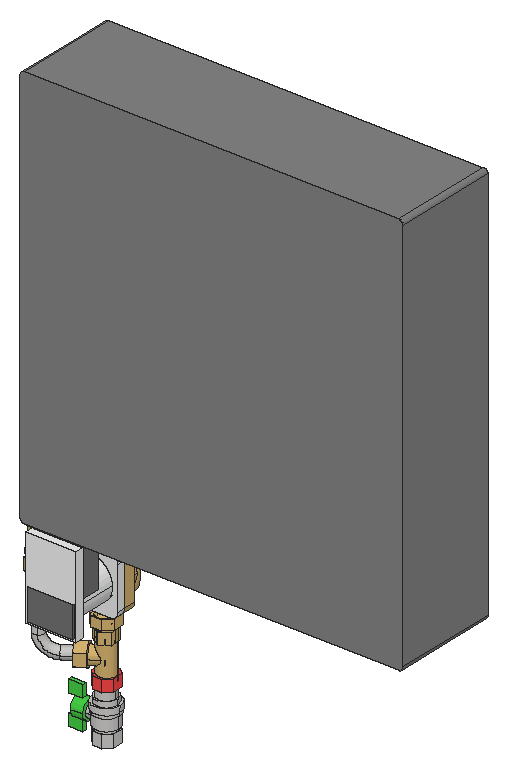
Revit family "Evoflat MSS_Circulation_RFA_1", category Mechanical Equipment, Revit 2019
Family settings
  Round Connector Dimension = Use Diameter
  Classification = None
  Part Type = Normal
  OmniClass Number = 23.75.65.11.11
  OmniClass Title = Heating Controllers
  Work Plane-Based = No
  Always vertical = Yes
  Cut with Voids When Loaded = No
  Shared = No
  Room Calculation Point = No
Parameters (values of type "Evoflat MSS_Type 1_Cu_Circulation_145B1900")
  With Front Insulation = no
  Weight = 10.00 kg  # constant formula
  W1 = 44 mm  # constant formula
  W = 150 mm  # constant formula
  Voltage = 230 V  # constant formula
  URL = ""
  Type Image = <None>
  Type Comments = ""
  Top [instance] = if(or(Clearance Zone Visibility, Clearance Zone Top Visibility), 1 = 1, 1 = 0)  # no
  Right [instance] = if(or(Clearance Zone Visibility, Clearance Zone Right Visibility), 1 = 1, 1 = 0)  # no
  Pressure Drop (HE) [instance] = 0.0 Pa
  Pressure Drop (DHW) [instance] = 0.0 Pa
  Pressure Drop (DH) [instance] = 0.0 Pa
  Pressure Drop (DCW) [instance] = 0.0 Pa
  Pressure Drop (Circulation) [instance] = 0.0 Pa
  Nut size = 30 mm  # constant formula
  Nominal Pressure = "PN 10"  # constant formula
  Model Type = "Evoflat MSS_Type 1_Cu_Circulation"
  Model = "145B1900"
  Max Supply Temperature = "95 °C"  # constant formula
  Manufacturer = "Danfoss"  # constant formula
  Left [instance] = if(or(Clearance Zone Visibility, Clearance Zone Left Visibility), 1 = 1, 1 = 0)  # no
  LOD 350 = not(LOD 200)  # yes
  LOD 200 = no
  L1a = 43 mm  # constant formula
  L1 = 112 mm  # constant formula
  L = 545 mm  # constant formula
  Insulation Material = Danfoss EPP insulation
  IfcExportType = "EvoFlat MSS"  # constant formula
  IfcExportAs = "IfcFlowController"  # constant formula
  Heating Total Pressure Loss Primary = "8 kPa"  # constant formula
  Heating Flow Rate Supply = "645 l/h"  # constant formula
  Heating Circuit dT = "20 °C"  # constant formula
  Heating Capacity = 15 kW  # constant formula
  HEX material = Danfoss Copper
  H4 = 312.6 mm  # constant formula
  H3 = 575 mm  # constant formula
  H2 = 13 mm  # constant formula
  H1 = 5 mm  # constant formula
  H [instance] = H3 + H4  # 887.6 mm
  Front Insulation = if(and(With Front Insulation, LOD 350), 1 = 1, 1 = 0)  # no
  Front [instance] = if(or(Clearance Zone Visibility, Clearance Zone Front Visibility), 1 = 1, 1 = 0)  # no
  Flow (HE) [instance] = 0.0 L/s
  Flow (DHW) [instance] = 0.0 L/s
  Flow (DH) [instance] = 0.0 L/s
  Flow (DCW) [instance] = 0.0 L/s
  Flow (Circulation) [instance] = 0.0 L/s
  Description = "Flat Station"  # constant formula
  DHW capacity = 43 kW
  DHW Temperature DHS/DHR = "65/22 °C"
  DHW Tap Load 50°C = "15.3 l/min"
  DHW Pressure Loss Primary = "40 kPa"
  DHW Flow Rate Primary = "850 l/h"
  D = 20 mm  # constant formula
  Connection = "G 3/4 Internal Thread"  # constant formula
  Clearance Zone Visibility [instance] = no
  Clearance Zone Top Visibility [instance] = no
  Clearance Zone Top [instance] = 25 mm  # constant formula
  Clearance Zone Right Visibility [instance] = no
  Clearance Zone Right [instance] = 50 mm  # constant formula
  Clearance Zone Left Visibility [instance] = no
  Clearance Zone Left [instance] = 50 mm  # constant formula
  Clearance Zone Front Visibility [instance] = no
  Clearance Zone Front [instance] = 150 mm  # constant formula
  Clearance Zone Bottom Visibility [instance] = no
  Clearance Zone Bottom [instance] = 25 mm  # constant formula
  Circulation Pump = 1 = 1  # yes
  Bottom [instance] = if(or(Clearance Zone Visibility, Clearance Zone Bottom Visibility), 1 = 1, 1 = 0)  # no
  Assembly Code = ""
Types (9, lengths in mm): name | With Front Insulation | Model Type | Model | HEX material | Front Insulation | DHW capacity | DHW Temperature DHS/DHR | DHW Tap Load 50°C | DHW Pressure Loss Primary | DHW Flow Rate Primary
  Evoflat MSS_Type 1_Cu_Circulation_145B1900 | no | "Evoflat MSS_Type 1_Cu_Circulation" | "145B1900" | Danfoss Copper | no | 43 kW | "65/22 °C" | "15.3 l/min" | "40 kPa" | "850 l/h"
  Evoflat MSS_Type 2_Cu_Circulation_145B1903 | no | "Evoflat MSS_Type 2_Cu_Circulation" | "145B1903" | Danfoss Copper | no | 49 kW | "65/21 °C" | "17.5 l/min" | "30 kPa" | "950 l/h"
  Evoflat MSS_Type 3_Cu_Circulation_145B1907 | no | "Evoflat MSS_Type 3_Cu_Circulation" | "145B1907" | Danfoss Copper | no | 55 kW | "65/16 °C" | "19.4 l/min" | "27 kPa" | "950 l/h"
  Evoflat MSS_Type 1_Cu_Ins_Circulation_145B1910 | yes | "Evoflat MSS_Type 1_Cu_Ins_Circulation" | "145B1910" | Danfoss Copper | yes | 43 kW | "65/22 °C" | "15.3 l/min" | "40 kPa" | "850 l/h"
  Evoflat MSS_Type 2_Cu_Ins_Circulation_145B1913 | yes | "Evoflat MSS_Type 2_Cu_Ins_Circulation" | "145B1913" | Danfoss Copper | yes | 49 kW | "65/21 °C" | "17.5 l/min" | "30 kPa" | "950 l/h"
  Evoflat MSS_Type 3_Cu_Ins_Circulation_145B1917 | yes | "Evoflat MSS_Type 3_Cu_Ins_Circulation" | "145B1917" | Danfoss Copper | yes | 55 kW | "65/16 °C" | "19.4 l/min" | "27 kPa" | "950 l/h"
  Evoflat MSS_Type 1_StS_Ins_Circulation_145B1954 | yes | "Evoflat MSS_Type 1_StS_Ins_Circulation" | "145B1954" | Danfoss Stainless Steel | yes | 43 kW | "65/22 °C" | "15.3 l/min" | "40 kPa" | "850 l/h"
  Evoflat MSS_Type 2_StS_Ins_Circulation_145B1955 | yes | "Evoflat MSS_Type 2_StS_Ins_Circulation" | "145B1955" | Danfoss Stainless Steel | yes | 49 kW | "65/21 °C" | "17.5 l/min" | "30 kPa" | "950 l/h"
  Evoflat MSS_Type 3_StS_Ins_Circulation_145B1956 | yes | "Evoflat MSS_Type 3_StS_Ins_Circulation" | "145B1956" | Danfoss Stainless Steel | yes | 55 kW | "65/16 °C" | "19.4 l/min" | "27 kPa" | "950 l/h"
Reference planes
  plane 1 "Center (Front/Back)": y = 0
  plane 2: z = 0
  plane 3 "Center (Left/Right)": x = 0
  plane 4: y = -44
  plane 5: x = -272.5
  plane 6: x = 272.5
  plane 7: z = 575
  plane 8: y = -150
  plane 9: z = 5
  plane 10: z = -13
  plane 11: x = -160.5
  plane 12: x = 229.5
  plane 13: y = -41.5
Forms (mm)
  Extrusion 1, solid, material "Danfoss EPP insulation", visible <- "LOD 200"
    sketch origin (0, 0, 0) x (1, 0, 0) y (0, 0, 1)
      loop
        line (-272.5, 575) -> (-272.5, 0) -> (272.5, 0) -> (272.5, 575) -> (-272.5, 575)
    from 0 to 150 <- "W"
  Extrusion 2, solid, material "Danfoss Brass"
    sketch origin (8.5, 0, -5) x (1, 0, 0) y (0, 1, 0)
      loop
        line (-169, -26.679) -> (-184, -35.34) -> (-184, -52.66) -> (-169, -61.321) -> (-154, -52.66) -> (-154, -35.34) -> (-169, -26.679)
    from -8 to 10
  Extrusion 3, solid, visible <- "Front"
    sketch origin (15, -150, 238.394) x (1, 0, 0) y (0, 0, 1)
      loop
        line (-287.5, 336.606) -> (-287.5, -238.394) -> (257.5, -238.394) -> (257.5, 336.606) -> (-287.5, 336.606)
    from 150 <- "Clearance Zone Front" to 0
  Extrusion 4, solid, visible <- "Right"
    sketch origin (0, 0, 0) x (1, 0, 0) y (0, 0, 1)
      loop
        line (272.5, 575) -> (272.5, 0) -> (322.5, 0) -> (322.5, 575) -> (272.5, 575)
    from 150 <- "W" to 0
  Extrusion 5, solid, visible <- "Left"
    sketch origin (0, 0, 0) x (1, 0, 0) y (0, 0, 1)
      loop
        line (-272.5, 575) -> (-322.5, 575) -> (-322.5, 0) -> (-272.5, 0) -> (-272.5, 575)
    from 150 <- "W" to 0
  Extrusion 6, solid, visible <- "Top"
    sketch origin (0, 0, 0) x (1, 0, 0) y (0, 0, 1)
      loop
        line (-272.5, 575) -> (272.5, 575) -> (272.5, 600) -> (-272.5, 600) -> (-272.5, 575)
    from 150 <- "W" to 0
  Extrusion 7, solid, visible <- "Bottom"
    sketch origin (0, 0, 0) x (1, 0, 0) y (0, 0, 1)
      loop
        line (-272.5, 0) -> (-272.5, -25) -> (272.5, -25) -> (272.5, 0) -> (-272.5, 0)
    from 150 <- "W" to 0
  Extrusion 8, solid, material "Danfoss Brass"
    sketch origin (390, 0, -5) x (1, 0, 0) y (0, 1, 0)
      loop
        line (-169, -26.679) -> (-184, -35.34) -> (-184, -52.66) -> (-169, -61.321) -> (-154, -52.66) -> (-154, -35.34) -> (-169, -26.679)
    from -8 to 10
  Extrusion 9, solid, material "Danfoss Brass"
    sketch origin (72.083, 0, -5) x (1, 0, 0) y (0, 1, 0)
      loop
        line (-169, -26.679) -> (-184, -35.34) -> (-184, -52.66) -> (-169, -61.321) -> (-154, -52.66) -> (-154, -35.34) -> (-169, -26.679)
    from -8 to 10
  Extrusion 10, solid, material "Danfoss Brass"
    sketch origin (135.667, 0, -5) x (1, 0, 0) y (0, 1, 0)
      loop
        line (-169, -26.679) -> (-184, -35.34) -> (-184, -52.66) -> (-169, -61.321) -> (-154, -52.66) -> (-154, -35.34) -> (-169, -26.679)
    from -8 to 10
  Extrusion 11, solid, material "Danfoss Brass"
    sketch origin (199.25, 0, -5) x (1, 0, 0) y (0, 1, 0)
      loop
        line (-169, -26.679) -> (-184, -35.34) -> (-184, -52.66) -> (-169, -61.321) -> (-154, -52.66) -> (-154, -35.34) -> (-169, -26.679)
    from -8 to 10
  Extrusion 12, solid, material "Danfoss Brass"
    sketch origin (262.833, 0, -5) x (1, 0, 0) y (0, 1, 0)
      loop
        line (-169, -26.679) -> (-184, -35.34) -> (-184, -52.66) -> (-169, -61.321) -> (-154, -52.66) -> (-154, -35.34) -> (-169, -26.679)
    from -8 to 10
  Extrusion 13, solid, material "Danfoss Brass"
    sketch origin (326.417, 0, -5) x (1, 0, 0) y (0, 1, 0)
      loop
        line (-169, -26.679) -> (-184, -35.34) -> (-184, -52.66) -> (-169, -61.321) -> (-154, -52.66) -> (-154, -35.34) -> (-169, -26.679)
    from -8 to 10
  Extrusion 14, solid, material "Danfoss EPP insulation" <- "Insulation Material", visible <- "LOD 350"
    sketch origin (0, 0, 0) x (1, 0, 0) y (0, 0, 1)
      loop
        arc (-266.5, 575) -> (-270.743, 573.243) -> (-272.5, 569) r 6
        line (-272.5, 569) -> (-272.5, 6)
        arc (-272.5, 6) -> (-270.743, 1.757) -> (-266.5, 0) r 6
        line (-266.5, 0) -> (266.5, 0)
        arc (266.5, 0) -> (270.743, 1.757) -> (272.5, 6) r 6
        line (272.5, 6) -> (272.5, 569)
        arc (272.5, 569) -> (270.743, 573.243) -> (266.5, 575) r 6
        line (266.5, 575) -> (-266.5, 575)
    from 150 to 0
  Extrusion 15, void
    sketch origin (0, 0, 0) x (1, 0, 0) y (0, 0, 1)
      loop
        line (-67.5, 0) -> (67.5, 0) -> (67.5, 575) -> (-67.5, 575) -> (-67.5, 0)
    from 150 to 152
  Extrusion 16, solid, material "Danfoss Plastic White", visible <- "Front Insulation"
    sketch origin (0, 0, 0) x (1, 0, 0) y (0, 0, 1)
      loop
        line (-67.5, 575) -> (-67.5, 0) -> (67.5, 0) -> (67.5, 575) -> (-67.5, 575)
    from 152 to 150
Cuts and joins
  Extrusion 15 cuts Extrusion 3
  Extrusion 15 cuts Extrusion 14
Dimensions and locks
  "Clearance Zone Right": Extrusion 4 sketch curve to Extrusion 3
  "Clearance Zone Left": Extrusion 5 sketch curve to Extrusion 3
  "H3": plane 7 to plane 2
  equal spacing: plane 6, plane 3 "Center (Left/Right)", plane 5
  "L": plane 6 to plane 5
  "W": plane 8 to plane 1 "Center (Front/Back)"
  "H1": plane 9 to level
  "H2": plane 2 to plane 10
  "W1": plane 4 to plane 1 "Center (Front/Back)"
  "L1": plane 5 to plane 11
  "Nut size": Extrusion 2 sketch curve to Extrusion 2 sketch curve  (x3)
  "L1a": plane 12 to plane 6
  "Nut size": Extrusion 8 sketch curve to Extrusion 8 sketch curve  (x3)
  equal spacing: group 1, group 3, group 4, group 5, group 6, group 7, group 2  (x3)
  "Nut size": Extrusion 9 sketch curve to Extrusion 9 sketch curve  (x3)
  "Nut size": Extrusion 10 sketch curve to Extrusion 10 sketch curve  (x3)
  "Nut size": Extrusion 11 sketch curve to Extrusion 11 sketch curve  (x3)
  "Nut size": Extrusion 12 sketch curve to Extrusion 12 sketch curve  (x3)
  "Nut size": Extrusion 13 sketch curve to Extrusion 13 sketch curve  (x3)
  locked: plane 13 to plane 1 "Center (Front/Back)" at 41.5
  level to Extrusion 14 = 575 mm
  equal spacing: Extrusion 15 sketch curve, plane 3 "Center (Left/Right)", Extrusion 15 sketch curve
  Extrusion 15 sketch curve to Extrusion 15 sketch curve = 135 mm
  "Clearance Zone Bottom": plane 2 to Extrusion 7 sketch curve
  "Clearance Zone Top": Extrusion 6 sketch curve to plane 7
  plane 11 to plane 3 "Center (Left/Right)" = 160.5 mm
  "H4": plane 2 to nested 1
  radius of Extrusion 14 sketch curve = 6 mm  (x4)
  angle Extrusion 2 sketch curve to Extrusion 2 sketch curve = 120.00°  (x3)
  angle Extrusion 8 sketch curve to Extrusion 8 sketch curve = 120.00°  (x3)
  angle Extrusion 9 sketch curve to Extrusion 9 sketch curve = 120.00°  (x3)
  angle Extrusion 10 sketch curve to Extrusion 10 sketch curve = 120.00°  (x3)
  angle Extrusion 11 sketch curve to Extrusion 11 sketch curve = 120.00°  (x3)
  angle Extrusion 12 sketch curve to Extrusion 12 sketch curve = 120.00°  (x3)
  angle Extrusion 13 sketch curve to Extrusion 13 sketch curve = 120.00°  (x3)
  aligned and locked: level to plane 2
  aligned and locked: Extrusion 3 sketch curve to Extrusion 1  (x2)
  aligned and locked: plane 2 to Extrusion 1 sketch curve
  aligned and locked: plane 5 to Extrusion 1 sketch curve
  aligned and locked: Extrusion 1 sketch curve to plane 6
  aligned and locked: plane 9 to Extrusion 2
  aligned and locked: Extrusion 2 to plane 10
  aligned and locked: plane 11 to Extrusion 2
  aligned and locked: Extrusion 14 sketch curve to plane 6
  aligned and locked: plane 8 to Extrusion 14
  aligned and locked: Extrusion 14 to plane 1 "Center (Front/Back)"
  aligned and locked: Extrusion 4 to Extrusion 15
  aligned and locked: Extrusion 3 sketch curve to plane 7
  aligned and locked: plane 2 to Extrusion 3 sketch curve
  aligned and locked: plane 2 to Extrusion 4 sketch curve
  aligned and locked: Extrusion 4 sketch curve to plane 7
  aligned and locked: plane 6 to Extrusion 4 sketch curve
  aligned and locked: Extrusion 5 sketch curve to plane 2
  aligned and locked: plane 7 to Extrusion 5 sketch curve
  aligned and locked: plane 5 to Extrusion 5 sketch curve
  aligned and locked: Extrusion 7 sketch curve to plane 2
  aligned and locked: plane 5 to Extrusion 7 sketch curve
  aligned and locked: Extrusion 7 sketch curve to plane 6
  aligned and locked: Extrusion 6 sketch curve to plane 7
  aligned and locked: Extrusion 6 sketch curve to plane 5
  aligned and locked: plane 6 to Extrusion 6 sketch curve
  aligned and locked: plane 7 to Extrusion 14
  aligned and locked: plane 7 to Extrusion 15
  aligned and locked: Extrusion 15 to level
  aligned and locked: plane 9 to Extrusion 9
  aligned and locked: Extrusion 14 to level
  aligned and locked: Extrusion 16 to Extrusion 1
  aligned and locked: Extrusion 16 to cut or joined group of Extrusion 3, Extrusion 15
  aligned and locked: plane 7 to Extrusion 1
Automatic sketch dimensions
  Extrusion 2 sketch curve to Extrusion 2 sketch curve = 15 mm
  Extrusion 8 sketch curve to Extrusion 8 sketch curve = 15 mm
  Extrusion 9 sketch curve to Extrusion 9 sketch curve = 15 mm
  Extrusion 10 sketch curve to Extrusion 10 sketch curve = 15 mm
  Extrusion 11 sketch curve to Extrusion 11 sketch curve = 15 mm
  Extrusion 12 sketch curve to Extrusion 12 sketch curve = 15 mm
  Extrusion 13 sketch curve to Extrusion 13 sketch curve = 15 mm
  Extrusion 14 sketch curve to plane 5 = 0 mm
  Extrusion 16 sketch curve to plane 3 "Center (Left/Right)" = 67.5 mm
  plane 3 "Center (Left/Right)" to Extrusion 16 sketch curve = 67.5 mm
  Extrusion 1 sketch curve to plane 7 = 0 mm
  Extrusion 14 sketch curve to plane 7 = 6 mm
  Extrusion 15 sketch curve to plane 7 = 0 mm
  Extrusion 16 sketch curve to plane 7 = 0 mm
  plane 9 to Extrusion 14 sketch curve = 1 mm
  Extrusion 15 sketch curve to plane 9 = 5 mm
  Extrusion 16 sketch curve to level = 0 mm
Nested families
  nested 1: "Circulation pump Yonos Para Z 15_7_Assembly" at (0, 0, -0.05), visible <- "Circulation Pump", type "Circulation pump Yonos Para Z 15/7"
Connectors
  piping at (-160.5, -44, -13), diameter 20, driven by "D", driven by "Flow (DCW)"
    settings: on Extrusion 2, index 1, connector inside diameter 609.6 mm, connector length 0 mm, flow factor 0, pipe flow 0.0 L/s, pressure drop 0.0 Pa, fitting loss kfactor 0, connector angle 0.00°, fixture units 0, engagement length 0 mm, angle of deflection 0.00°, flow configuration 0, flow direction 1, fitting loss method 0, system type 20, joint type 0, gender type 0, connector reference index -1, connector utility 0, adjustable connector no, is connector primary yes, connector description ""
  piping at (-96.917, -44, -13), diameter 20, driven by "D", driven by "Flow (DHW)"
    settings: on Extrusion 9, index 2, connector inside diameter 609.6 mm, connector length 0 mm, flow factor 0, pipe flow 0.0 L/s, pressure drop 0.0 Pa, fitting loss kfactor 0, connector angle 0.00°, fixture units 0, engagement length 0 mm, angle of deflection 0.00°, flow configuration 0, flow direction 2, fitting loss method 0, system type 19, joint type 0, gender type 0, connector reference index -1, connector utility 0, adjustable connector no, is connector primary no, connector description ""
  piping at (-33.333, -44, -13), diameter 20, driven by "D", driven by "Flow (DCW)"
    settings: on Extrusion 10, index 3, connector inside diameter 609.6 mm, connector length 0 mm, flow factor 0, pipe flow 0.0 L/s, pressure drop 0.0 Pa, fitting loss kfactor 0, connector angle 0.00°, fixture units 0, engagement length 0 mm, angle of deflection 0.00°, flow configuration 0, flow direction 2, fitting loss method 0, system type 20, joint type 0, gender type 0, connector reference index -1, connector utility 0, adjustable connector no, is connector primary no, connector description ""
  piping at (30.25, -44, -13), diameter 20, driven by "D", driven by "Flow (DH)"
    settings: on Extrusion 11, index 4, connector inside diameter 609.6 mm, connector length 0 mm, flow factor 0, pipe flow 0.0 L/s, pressure drop 0.0 Pa, fitting loss kfactor 0, connector angle 0.00°, fixture units 0, engagement length 0 mm, angle of deflection 0.00°, flow configuration 0, flow direction 1, fitting loss method 0, system type 7, joint type 0, gender type 0, connector reference index -1, connector utility 0, adjustable connector no, is connector primary no, connector description ""
  piping at (93.833, -44, -13), diameter 20, driven by "D", driven by "Flow (DH)"
    settings: on Extrusion 12, index 5, connector inside diameter 609.6 mm, connector length 0 mm, flow factor 0, pipe flow 0.0 L/s, pressure drop 0.0 Pa, fitting loss kfactor 0, connector angle 0.00°, fixture units 0, engagement length 0 mm, angle of deflection 0.00°, flow configuration 0, flow direction 2, fitting loss method 0, system type 8, joint type 0, gender type 0, connector reference index -1, connector utility 0, adjustable connector no, is connector primary no, connector description ""
  piping at (157.417, -44, -13), diameter 20, driven by "D", driven by "Flow (HE)"
    settings: on Extrusion 13, index 6, connector inside diameter 609.6 mm, connector length 0 mm, flow factor 0, pipe flow 0.0 L/s, pressure drop 0.0 Pa, fitting loss kfactor 0, connector angle 0.00°, fixture units 0, engagement length 0 mm, angle of deflection 0.00°, flow configuration 0, flow direction 2, fitting loss method 0, system type 7, joint type 0, gender type 0, connector reference index -1, connector utility 0, adjustable connector no, is connector primary no, connector description ""
  piping at (221, -44, -13), diameter 20, driven by "D", driven by "Flow (HE)"
    settings: on Extrusion 8, index 7, connector inside diameter 609.6 mm, connector length 0 mm, flow factor 0, pipe flow 0.0 L/s, pressure drop 0.0 Pa, fitting loss kfactor 0, connector angle 0.00°, fixture units 0, engagement length 0 mm, angle of deflection 0.00°, flow configuration 0, flow direction 1, fitting loss method 0, system type 8, joint type 0, gender type 0, connector reference index -1, connector utility 0, adjustable connector no, is connector primary no, connector description ""
  piping at (-234.466, -44, -312.6), diameter 20, driven by "D", driven by "Flow (Circulation)"
    settings: on nested 1, index 8, connector inside diameter 609.6 mm, connector length 0 mm, flow factor 0, pipe flow 0.0 L/s, pressure drop 0.0 Pa, fitting loss kfactor 0, connector angle 0.00°, fixture units 0, engagement length 0 mm, angle of deflection 0.00°, flow configuration 0, flow direction 1, fitting loss method 0, system type 19, joint type 0, gender type 0, connector reference index -1, connector utility 0, adjustable connector no, is connector primary no, connector description ""
Definition of nested family "Circulation pump Yonos Para Z 15_7_Assembly"
  Parameters (values of type "Circulation pump Yonos Para Z 15/7")
    LOD 350 = not(LOD 200)  # yes
    LOD 200 = no
  Reference planes
    plane 1 "Center (Front/Back)": y = 0
    plane 2: z = 0
    plane 3 "Center (Left/Right)": x = 0
    plane 4: y = 579
    plane 5: z = -91
    plane 6: x = -234.466
    plane 7: y = -44
    plane 8 "Plane Left 1": x = -234.466
    plane 9: z = -106
  Forms (mm)
    Extrusion 1, solid, visible <- "LOD 200"
      sketch origin (0, 0, 0) x (1, 0, 0) y (0, 0, 1)
        loop
          line (-269.752, -15.527) -> (-269.752, -131.098) -> (-199.181, -131.098) -> (-199.181, -15.527) -> (-269.752, -15.527)
      from 103.865 to 142.977
    Extrusion 2, solid
      sketch origin (0, 0, 0) x (1, 0, 0) y (0, 0, 1)
        loop
          circle (-234.466, -91) r 32
      from 63.793 to 130.516
    Extrusion 3, solid
      sketch origin (0, 0, 0) x (1, 0, 0) y (0, 0, 1)
        loop
          line (-274.966, -60.5) -> (-274.966, -121.5)
          arc (-274.966, -121.5) -> (-272.037, -128.571) -> (-264.966, -131.5) r 10
          line (-264.966, -131.5) -> (-203.966, -131.5)
          arc (-203.966, -131.5) -> (-196.895, -128.571) -> (-193.966, -121.5) r 10
          line (-193.966, -121.5) -> (-193.966, -60.5)
          arc (-193.966, -60.5) -> (-196.895, -53.429) -> (-203.966, -50.5) r 10
          line (-203.966, -50.5) -> (-264.966, -50.5)
          arc (-264.966, -50.5) -> (-272.037, -53.429) -> (-274.966, -60.5) r 10
      from 45.345 to 63.793
    Extrusion 4, solid, visible <- "LOD 350"
      sketch origin (0, 0, 0) x (1, 0, 0) y (0, 0, 1)
        loop
          circle (-234.466, -91) r 35
      from 34.225 to 45.345
    Extrusion 5, solid
      sketch origin (0, 0, 0) x (1, 0, 0) y (0, 1, 0)
        loop
          circle (-234.466, -44) r 13
      from -182.95 to -4.75
    Revolve 6, solid, visible <- "LOD 350"
      sketch origin (-234.466, 0, 0) x (0, -1, 0) y (0, 0, 1)
        loop
          line (9.225, -106) -> (9.225, -118)
          arc (9.225, -118) -> (26.725, -135.5) -> (44.225, -118) r 17.5
          line (44.225, -118) -> (44.225, -106) -> (9.225, -106)
        axis (9.225, -106) -> (44.225, -106)
      angle from 0 to 360
    Sweep 7, solid, visible <- "LOD 350"
      path origin (-234.466, 0, 0) x (0, -1, 0) y (0, 0, 1)
        loop
          line (50.534, -156.107) -> (22.019, -119.61)
      profile origin (-234.466, -36.276, -137.859) x (0, 0.788011, -0.615661) y (-1, 0, 0)
        loop
          circle (0, 0) r 12.5
    Sweep 8, solid, visible <- "LOD 350"
      path origin (-234.466, 0, -212) x (0, -1, 0) y (0, 0, -1)
        loop
          line (50.534, -156.107) -> (22.019, -119.61)
      profile origin (-234.466, -36.276, -74.141) x (0, -0.788011, -0.615661) y (-1, 0, 0)
        loop
          circle (0, 0) r 12.5
    Extrusion 9, solid, visible <- "LOD 350"
      sketch origin (0, 0, 0) x (1, 0, 0) y (0, 1, 0)
        loop
          line (-241.922, -26) -> (-252.466, -36.544) -> (-252.466, -51.456) -> (-241.922, -62) -> (-227.01, -62) -> (-216.466, -51.456) -> (-216.466, -36.544) -> (-227.01, -26) -> (-241.922, -26)
      from -34.245 to -20.762
    Extrusion 10, solid, visible <- "LOD 350"
      sketch origin (0, 0, -126.983) x (1, 0, 0) y (0, 1, 0)
        loop
          line (-241.922, -26) -> (-252.466, -36.544) -> (-252.466, -51.456) -> (-241.922, -62) -> (-227.01, -62) -> (-216.466, -51.456) -> (-216.466, -36.544) -> (-227.01, -26) -> (-241.922, -26)
      from -34.167 to -20.667
    Extrusion 11, solid, visible <- "LOD 350"
      sketch origin (0, 0, 0) x (1, 0, 0) y (0, 1, 0)
        loop
          line (-234.466, -28.989) -> (-247.466, -36.494) -> (-247.466, -51.506) -> (-234.466, -59.011) -> (-221.466, -51.506) -> (-221.466, -36.494) -> (-234.466, -28.989)
      from -20.762 to -4.75
    Extrusion 12, solid, visible <- "LOD 350"
      sketch origin (0, 0, -162.2) x (1, 0, 0) y (0, 1, 0)
        loop
          line (-234.466, -28.989) -> (-247.466, -36.494) -> (-247.466, -51.506) -> (-234.466, -59.011) -> (-221.466, -51.506) -> (-221.466, -36.494) -> (-234.466, -28.989)
      from -20.762 to -4.75
    Extrusion 13, solid
      sketch origin (0, -5.057, 0) x (1, 0, 0) y (0, 0, 1)
        loop
          line (-274.966, -60.5) -> (-274.966, -121.5)
          arc (-274.966, -121.5) -> (-272.037, -128.571) -> (-264.966, -131.5) r 10
          line (-264.966, -131.5) -> (-203.966, -131.5)
          arc (-203.966, -131.5) -> (-196.895, -128.571) -> (-193.966, -121.5) r 10
          line (-193.966, -121.5) -> (-193.966, -60.5)
          arc (-193.966, -60.5) -> (-196.895, -53.429) -> (-203.966, -50.5) r 10
          line (-203.966, -50.5) -> (-264.966, -50.5)
          arc (-264.966, -50.5) -> (-272.037, -53.429) -> (-274.966, -60.5) r 10
      from 58.736 to 69.191
    Extrusion 14, solid, visible <- "LOD 350"
      sketch origin (0, -22.988, 0) x (1, 0, 0) y (0, 0, 1)
        loop
          line (-269.752, -15.527) -> (-269.752, -131.098) -> (-199.181, -131.098) -> (-199.181, -15.527) -> (-269.752, -15.527)
      from 107.527 to 119.988
    Extrusion 15, solid, visible <- "LOD 350"
      sketch origin (0, 0, 0) x (1, 0, 0) y (0, 0, 1)
        loop
          line (-269.752, -15.527) -> (-269.752, -81) -> (-199.181, -81) -> (-199.181, -15.527) -> (-269.752, -15.527)
      from 103.865 to 130.516
    Extrusion 16, solid
      sketch origin (0, 0, 0) x (1, 0, 0) y (0, 1, 0)
        loop
          circle (-234.466, -44) r 6
      from -4.75 to 6.35
    Extrusion 17, solid, visible <- "LOD 350"
      sketch origin (0, 0, 0) x (1, 0, 0) y (0, 0, 1)
        loop
          line (-266.752, -84) -> (-266.752, -128.098) -> (-202.181, -128.098) -> (-202.181, -84) -> (-266.752, -84)
      from 142.977 to 144
  Dimensions and locks
    locked: level to plane 5 at 91
    equal spacing: Extrusion 3 sketch curve, plane 6, Extrusion 3 sketch curve
    Extrusion 3 sketch curve to Extrusion 3 sketch curve = 81 mm
    Extrusion 3 sketch curve to plane 5 to Extrusion 3 sketch curve = 40.5 mm, 40.5 mm
    locked: plane 7 to plane 1 "Center (Front/Back)" at 44
    plane 5 to plane 9 = 15 mm
    Revolve 6 sketch curve to Revolve 6 sketch curve = 12 mm
    Extrusion 13 sketch curve to Extrusion 13 sketch curve = 81 mm  (x3)
    Extrusion 15 sketch curve to plane 5 = 10 mm
    radius of Extrusion 2 sketch curve = 32 mm
    radius of Extrusion 3 sketch curve = 10 mm  (x4)
    radius of Extrusion 4 sketch curve = 35 mm
    radius of Extrusion 5 sketch curve = 13 mm
    radius of Extrusion 13 sketch curve = 10 mm  (x4)
    radius of Extrusion 16 sketch curve = 6 mm
    aligned and locked: level to plane 2
    aligned and locked: Extrusion 4 to Extrusion 3
    aligned and locked: Revolve 6 sketch curve to Revolve 6 sketch curve
    aligned and locked: Extrusion 11 to Extrusion 9
    aligned and locked: Extrusion 13 to Extrusion 2
    aligned and locked: Extrusion 14 to Extrusion 1
    aligned and locked: Extrusion 15 to Extrusion 14
    aligned and locked: Extrusion 11 to Extrusion 5
    aligned and locked: Extrusion 2 to Extrusion 14
    aligned and locked: Extrusion 16 to Extrusion 5
  Nested families
    nested 1: "T-joint" at (-53.413, 111.338, 0) x (0.866, 0.5, 0) z (0, 0, 1), type "T-joint"
    nested 2: "Ball Valve" at (0, 0, 0), type "Ball Valve"
    nested 3: "Safety Valve" at (0, 0, 0), type "Safety Valve"
  Definition of nested family "T-joint"
    Parameters (values of type "T-joint")
      LOD 350 = not(LOD 200)  # yes
      LOD 200 = no
    Reference planes
      plane 1 "Center (Front/Back)": y = 0
      plane 2: z = 0
      plane 3 "Center (Left/Right)": x = 0
      plane 4: y = 579
      plane 5: z = -91
      plane 6: x = -234.466
      plane 7 "Plane Front 1": y = -44
      plane 8 "Plane Left 1": x = -234.466
      plane 9: z = -203.85
    Forms (mm)
      Extrusion 1, solid
        sketch origin (0, 0, 0) x (1, 0, 0) y (0, 1, 0)
          loop
            circle (-234.466, -44) r 13
        from -234.277 to -175.85
      Extrusion 2, solid
        sketch origin (-234.466, 0, 0) x (0, -1, 0) y (0, 0, 1)
          loop
            circle (44, -203.85) r 12
        from 0 to 35
      Extrusion 3, solid, visible <- "LOD 350"
        sketch origin (-234.466, 0, 0) x (0, -1, 0) y (0, 0, 1)
          loop
            line (44, -186.529) -> (29, -195.19) -> (29, -212.51) -> (44, -221.171) -> (59, -212.51) -> (59, -195.19) -> (44, -186.529)
        from 20 to 35
      Sweep 4, solid
        path origin (0, -44, 0) x (1, 0, 0) y (0, 0, 1)
          loop
            line (-234.466, -203.85) -> (-285.466, -203.85)
            arc (-285.466, -203.85) -> (-303.144, -196.528) -> (-310.466, -178.85) r 25
            line (-310.466, -178.85) -> (-310.466, -91)
        profile origin (-259.966, -44, -203.85) x (0, 0, -1) y (0, -1, 0)
          loop
            circle (0, 0) r 8
    Dimensions and locks
      locked: level to plane 5 at 91
      locked: plane 7 "Plane Front 1" to plane 1 "Center (Front/Back)" at 44
      Extrusion 3 to Sweep 4 sketch curve = 41 mm
      radius of Extrusion 1 sketch curve = 13 mm
      radius of Extrusion 2 sketch curve = 12 mm
      radius of Sweep 4 sketch curve = 25 mm
      radius of Sweep 4 sketch curve = 8 mm
      aligned and locked: level to plane 2
      aligned and locked: plane 5 to Sweep 4 sketch curve
      aligned and locked: Extrusion 2 to Sweep 4 sketch curve
      aligned and locked: Extrusion 3 to Extrusion 2
  Definition of nested family "Ball Valve"
    Parameters (values of type "Ball Valve")
      LOD 350 = not(LOD 200)  # yes
      LOD 200 = no
    Reference planes
      plane 1 "Center (Front/Back)": y = 0
      plane 2: z = 0
      plane 3 "Center (Left/Right)": x = 0
      plane 4: y = 579
      plane 5: z = -91
      plane 6: x = -234.466
      plane 7 "Plane Front 1": y = -44
      plane 8 "Plane Left 1": x = -234.466
      plane 9: z = -280.55
      plane 10: z = -280.55
    Forms (mm)
      Extrusion 1, solid, visible <- "LOD 350"
        sketch origin (0, 0, -278.383) x (1, 0, 0) y (0, 1, 0)
          loop
            line (-241.094, -28) -> (-250.466, -37.373) -> (-250.466, -50.627) -> (-241.094, -60) -> (-227.839, -60) -> (-218.466, -50.627) -> (-218.466, -37.373) -> (-227.839, -28) -> (-241.094, -28)
        from -34.167 to -16.667
      Extrusion 2, solid, visible <- "LOD 350"
        sketch origin (0, 0, -220.471) x (1, 0, 0) y (0, 1, 0)
          loop
            line (-241.094, -28) -> (-250.466, -37.373) -> (-250.466, -50.627) -> (-241.094, -60) -> (-227.839, -60) -> (-218.466, -50.627) -> (-218.466, -37.373) -> (-227.839, -28) -> (-241.094, -28)
        from -20.762 to -4.279
      Revolve 3, solid, visible <- "LOD 350"
        sketch origin (0, -44, 0) x (1, 0, 0) y (0, 0, 1)
          loop
            line (-221.3, -254.05) -> (-221.3, -227.221) -> (-234.466, -227.221) -> (-234.466, -295.05) -> (-219.25, -295.05) -> (-219.25, -290.55) -> (-217, -290.55) -> (-217, -274.05) -> (-216, -274.05) -> (-216, -269.05) -> (-215, -269.05) -> (-215, -261.05) -> (-219.001, -261.05) -> (-219.001, -254.05) -> (-221.3, -254.05)
          axis (-234.466, -227.221) -> (-234.466, -295.05)
        angle from 0 to 360
      Revolve 4, solid, visible <- "LOD 200"
        sketch origin (0, -44, 0) x (1, 0, 0) y (0, 0, 1)
          loop
            line (-234.466, -312.55) -> (-219.25, -312.55) -> (-219.25, -224.75) -> (-234.466, -224.75) -> (-234.466, -312.55)
          axis (-234.466, -224.75) -> (-234.466, -312.55)
        angle from 0 to 360
      Extrusion 5, solid
        sketch origin (0, -44, 0) x (1, 0, 0) y (0, 0, 1)
          loop
            line (-266, -250.55) -> (-286, -250.55) -> (-286, -267.553) -> (-266, -267.553) -> (-266, -250.55)
          loop
            line (-266, -310.55) -> (-266, -293.594) -> (-286, -293.594) -> (-286, -310.55) -> (-266, -310.55)
        from -3 to 3
      Extrusion 6, solid
        sketch origin (-234.466, 0, 0) x (0, -1, 0) y (0, 0, 1)
          loop
            circle (44, -280.55) r 13.5
        from 23.034 to 40.5
      Extrusion 7, solid
        sketch origin (-234.466, 0, 0) x (0, -1, 0) y (0, 0, 1)
          loop
            circle (44, -280.55) r 9.5
        from 0 to 23.034
    Dimensions and locks
      locked: level to plane 5 at 91
      locked: plane 7 "Plane Front 1" to plane 1 "Center (Front/Back)" at 44
      radius of Extrusion 6 sketch curve = 13.5 mm
      radius of Extrusion 7 sketch curve = 9.5 mm
      aligned and locked: level to plane 2
      aligned and locked: Revolve 3 sketch curve to plane 8 "Plane Left 1"
      aligned and locked: Revolve 3 sketch curve to Revolve 3 sketch curve  (x2)
      aligned and locked: Revolve 4 sketch curve to plane 8 "Plane Left 1"
      aligned and locked: Revolve 4 sketch curve to Revolve 4 sketch curve
      aligned and locked: Extrusion 7 to Extrusion 6
  Definition of nested family "Safety Valve"
    Parameters (values of type "Safety Valve")
      LOD 350 = not(LOD 200)  # yes
      LOD 200 = no
    Reference planes
      plane 1 "Center (Front/Back)": y = 0
      plane 2: z = 0
      plane 3 "Center (Left/Right)": x = 0
      plane 4: y = 579
      plane 5: z = -91
      plane 6: x = -234.466
      plane 7: y = -44
      plane 8 "Plane Left 1": x = -234.466
      plane 9: y = -81.85
      plane 10 "Plane Left 2": x = -300.058
    Forms (mm)
      Extrusion 1, solid, visible <- "LOD 350"
        sketch origin (-65.592, 0, -81.388) x (1, 0, 0) y (0, 1, 0)
          loop
            line (-234.466, -64.529) -> (-249.466, -73.19) -> (-249.466, -90.51) -> (-234.466, -99.171) -> (-219.466, -90.51) -> (-219.466, -73.19) -> (-234.466, -64.529)
        from -20.762 to -4.75
      Revolve 2, solid
        sketch origin (-300.058, 0, 0) x (0, 0, 1) y (0, -1, 0)
          loop
            line (-15.15, 81.85) -> (-102.15, 81.85) -> (-102.15, 68.85) -> (-39, 68.85) -> (-39, 66.35) -> (-22.075, 66.35) -> (-22.075, 70.6) -> (-15.15, 70.6) -> (-15.15, 81.85)
          axis (-15.15, 81.85) -> (-102.15, 81.85)
        angle from 0 to 360
      Extrusion 3, solid
        sketch origin (0, 0, 0) x (1, 0, 0) y (0, 1, 0)
          loop
            circle (-300.058, -81.85) r 13.5
        from -15.15 to 6.35
      Extrusion 4, solid, visible <- "LOD 350"
        sketch origin (-65.592, 0, -59.888) x (1, 0, 0) y (0, 1, 0)
          loop
            line (-248.466, -73.767) -> (-248.466, -89.933) -> (-234.466, -98.016) -> (-220.466, -89.933) -> (-220.466, -73.767) -> (-234.466, -65.684) -> (-248.466, -73.767)
        from -20.762 to -13.762
      Extrusion 5, solid, visible <- "LOD 350"
        sketch origin (-65.592, 0, -50.896) x (1, 0, 0) y (0, 1, 0)
          loop
            line (-234.466, -66.839) -> (-247.466, -74.344) -> (-247.466, -89.356) -> (-234.466, -96.861) -> (-221.466, -89.356) -> (-221.466, -74.344) -> (-234.466, -66.839)
        from -20.762 to -7.297
    Dimensions and locks
      locked: level to plane 5 at 91
      locked: plane 7 to plane 1 "Center (Front/Back)" at 44
      radius of Extrusion 3 sketch curve = 13.5 mm
      aligned and locked: level to plane 2
      aligned and locked: plane 9 to Revolve 2 sketch curve
      aligned and locked: Revolve 2 sketch curve to Revolve 2 sketch curve  (x2)
